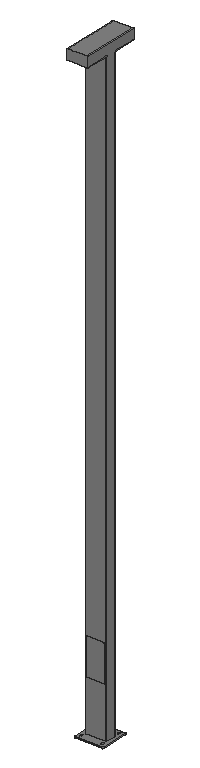
Revit family "Супремус В", category Осветительные приборы, Revit 2019 (continued)
Types (7, lengths in mm): name | Файл фотометрической сетки | built-in parameter 1150105 | Lumens | built-in parameter 1150106 | built-in parameter 1150142 | Wattage | L_общая рассеиватели | ADSK_Фактическая мощность | ADSK_Размер_Высота | ADSK_Номинальная мощность | ADSK_Наименование | ADSK_Масса_Текст | ADSK_Масса | ADSK_Артикул | 2
  ДТУ121с10 Светодиодный светильник Супремус-B ДТУ-121-AF-ДТУП1212(60Вт)+ДТУП1212(60Вт)-6,0 | "DTU-121-AF Supremus B 60W 60°x130°.ies" | 909.18 (stored number, unit not read) | 13200 lm | 9.0918 (stored number, unit not read) | "IESNA:LM-63-1995\r\n[TEST]\t\tALF\r\n[MANUFAC]\tALFRESCO\r\n[LUMCAT]\tDTU-121-AF\r\n[LUMINAIRE]\tDTU-121-AF Supremus B 60W 60°x130°\r\n[LAMP]\t\tOsram_Duris_S8\r\n[DATE]\t\t\r\n[OTHER]\t\t\r\nTILT=NONE\r\n1 7011.0 7.011 361 72 1 2 0.23 0.10 0.00\r\n1.0 1 57.0\r\n0.0 0.5 1.0 1.5 2.0 2.5 3.0 3.5 4.0 4.5 5.0 5.5 6.0 6.5 7.0 7.5 8.0 8.5 9.0 9.5 10.0 10.5 11.0 11.5 12.0 12.5 13.0 13.5 14.0 14.5\r\n 15.0 15.5 16.0 16.5 17.0 17.5 18.0 18.5 19.0 19.5 20.0 20.5 21.0 21.5 22.0 22.5 23.0 23.5 24.0 24.5 25.0 25.5 26.0 26.5 27.0 27.5\r\n 28.0 28.5 29.0 29.5 30.0 30.5 31.0 31.5 32.0 32.5 33.0 33.5 34.0 34.5 35.0 35.5 36.0 36.5 37.0 37.5 38.0 38.5 39.0 39.5 40.0 40.5\r\n 41.0 41.5 42.0 42.5 43.0 43.5 44.0 44.5 45.0 45.5 46.0 46.5 47.0 47.5 48.0 48.5 49.0 49.5 50.0 50.5 51.0 51.5 52.0 52.5 53.0 53.5\r\n 54.0 54.5 55.0 55.5 56.0 56.5 57.0 57.5 58.0 58.5 59.0 59.5 60.0 60.5 61.0 61.5 62.0 62.5 63.0 63.5 64.0 64.5 65.0 65.5 66.0 66.5\r\n 67.0 67.5 68.0 68.5 69.0 69.5 70.0 70.5 71.0 71.5 72.0 72.5 73.0 73.5 74.0 74.5 75.0 75.5 76.0 76.5 77.0 77.5 78.0 78.5 79.0 79.5\r\n 80.0 80.5 81.0 81.5 82.0 82.5 83.0 83.5 84.0 84.5 85.0 85.5 86.0 86.5 87.0 87.5 88.0 88.5 89.0 89.5 90.0 90.5 91.0 91.5 92.0 92.5\r\n 93.0 93.5 94.0 94.5 95.0 95.5 96.0 96.5 97.0 97.5 98.0 98.5 99.0 99.5 100.0 100.5 101.0 101.5 102.0 102.5 103.0 103.5 104.0 104.5\r\n 105.0 105.5 106.0 106.5 107.0 107.5 108.0 108.5 109.0 109.5 110.0 110.5 111.0 111.5 112.0 112.5 113.0 113.5 114.0 114.5 115.0\r\n 115.5 116.0 116.5 117.0 117.5 118.0 118.5 119.0 119.5 120.0 120.5 121.0 121.5 122.0 122.5 123.0 123.5 124.0 124.5 125.0 125.5\r\n 126.0 126.5 127.0 127.5 128.0 128.5 129.0 129.5 130.0 130.5 131.0 131.5 132.0 132.5 133.0 133.5 134.0 134.5 135.0 135.5 136.0\r\n 136.5 137.0 137.5 138.0 138.5 139.0 139.5 140.0 140.5 141.0 141.5 142.0 142.5 143.0 143.5 144.0 144.5 145.0 145.5 146.0 146.5\r\n 147.0 147.5 148.0 148.5 149.0 149.5 150.0 150.5 151.0 151.5 152.0 152.5 153.0 153.5 154.0 154.5 155.0 155.5 156.0 156.5 157.0\r\n 157.5 158.0 158.5 159.0 159.5 160.0 160.5 161.0 161.5 162.0 162.5 163.0 163.5 164.0 164.5 165.0 165.5 166.0 166.5 167.0 167.5\r\n 168.0 168.5 169.0 169.5 170.0 170.5 171.0 171.5 172.0 172.5 173.0 173.5 174.0 174.5 175.0 175.5 176.0 176.5 177.0 177.5 178.0\r\n 178.5 179.0 179.5 180.0\r\n0.0 5.0 10.0 15.0 20.0 25.0 30.0 35.0 40.0 45.0 50.0 55.0 60.0 65.0 70.0 75.0 80.0 85.0 90.0 95.0 100.0 105.0 110.0 115.0 120.0\r\n 125.0 130.0 135.0 140.0 145.0 150.0 155.0 160.0 165.0 170.0 175.0 180.0 185.0 190.0 195.0 200.0 205.0 210.0 215.0 220.0 225.0\r\n 230.0 235.0 240.0 245.0 250.0 255.0 260.0 265.0 270.0 275.0 280.0 285.0 290.0 295.0 300.0 305.0 310.0 315.0 320.0 325.0 330.0\r\n 335.0 340.0 345.0 350.0 355.0 360.0\r\n275.6 275.6 275.4 275.4 275.1 275.0 274.6 274.5 274.0 273.6 273.1 272.6 272.1 271.6 271.2 270.5 269.9 269.3 268.8 268.0 267.4\r\n 266.9 266.3 265.6 265.0 264.5 264.1 263.6 263.2 263.0 262.7 262.5 262.4 262.4 262.3 262.4 262.5 262.8 263.1 263.2 263.6 264.1\r\n 264.6 265.1 265.7 266.3 266.8 267.5 268.0 268.6 269.3 270.0 270.6 271.4 272.2 272.9 274.0 274.8 275.8 276.8 277.9 279.0 280.1\r\n 281.1 282.3 283.5 284.7 286.1 287.2 288.5 289.8 291.2 292.5 294.0 295.6 296.9 298.3 299.9 301.1 302.3 303.8 305.3 307.0 309.2\r\n 310.7 312.1 313.4 315.4 317.5 318.3 318.9 319.8 320.8 321.9 322.8 323.7 324.9 326.2 327.1 328.4 329.9 331.5 333.0 334.7 336.5\r\n 338.5 340.6 342.9 345.1 347.3 349.5 351.3 352.7 353.8 354.6 355.1 355.0 354.6 353.9 353.3 352.9 352.1 350.9 350.0 348.7 346.8\r\n 343.7 340.1 336.0 332.0 328.1 323.5 318.6 314.1 309.6 304.7 300.3 295.5 290.9 286.8 283.6 281.0 278.4 276.0 271.5 265.0 257.4\r\n 247.6 235.1 220.3 205.5 189.6 171.6 151.8 130.1 108.8 90.3 73.3 59.4 45.5 31.5 24.0 18.8 15.4 13.3 11.9 10.7 9.6 8.8 7.9 7.1 6.4\r\n 5.7 5.1 4.4 3.8 3.2 2.6 2.3 2.0 2.0 2.0 2.0 2.0 1.8 1.8 1.6 1.5 1.3 1.1 1.1 1.0 0.9 0.9 0.9 0.9 0.9 0.9 1.0 1.0 1.0 0.0 0.0 0.0\r\n 0.0 0.0 0.0 0.0 0.0 0.0 0.0 0.0 0.0 0.0 0.0 0.0 0.0 0.0 0.0 0.0 0.0 0.0 0.0 0.0 0.0 0.0 0.0 0.0 0.0 0.0 0.0 0.0 0.0 0.0 0.0 0.0\r\n 0.0 0.0 0.0 0.0 0.0 0.0 0.0 0.0 0.0 0.0 0.0 0.0 0.0 0.0 0.0 0.0 0.0 0.0 0.0 0.0 0.0 0.0 0.0 0.0 0.0 0.0 0.0 0.0 0.0 0.0 0.0 0.0\r\n 0.0 0.0 0.0 0.0 0.0 0.0 0.0 0.0 0.0 0.0 0.0 0.0 0.0 0.0 0.0 0.0 0.0 0.0 0.0 0.0 0.0 0.0 0.0 0.0 0.0 0.0 0.0 0.0 0.0 0.0 0.0 0.0\r\n 0.0 0.0 0.0 0.0 0.0 0.0 0.0 0.0 0.0 0.0 0.0 0.0 0.0 0.0 0.0 0.0 0.0 0.0 0.0 0.0 0.0 0.0 0.0 0.0 0.0 0.0 0.0 0.0 0.0 0.0 0.0 0.0\r\n 0.0 0.0 0.0 0.0 0.0 0.0 0.0 0.0 0.0 0.0 0.0 0.0 0.0 0.0 0.0 0.0 0.0 0.0 0.0 0.0 0.0 0.0 0.0 0.0 0.0 0.0 0.0 0.0 0.0\r\n275.6 275.8 276.0 276.1 276.0 276.0 276.0 275.8 275.6 275.4 275.2 275.0 274.6 274.4 274.0 273.7 273.1 272.7 272.5 272.2 271.6\r\n 271.3 270.9 270.4 270.1 269.8 269.6 269.5 269.4 269.3 269.3 269.3 269.5 269.6 269.9 270.2 270.3 270.5 271.1 271.7 272.2 272.8\r\n 273.5 274.2 274.8 275.5 276.2 276.9 277.6 278.4 279.1 279.8 280.4 281.3 282.1 283.0 284.0 284.8 285.9 287.0 288.1 289.3 290.2\r\n 291.4 292.5 294.0 295.3 296.4 297.8 299.2 300.5 301.9 303.5 305.3 306.9 308.6 310.5 312.2 314.0 316.1 318.2 320.4 322.7 325.4\r\n 327.9 330.2 332.3 335.0 337.3 338.6 339.9 341.3 342.8 344.4 345.3 346.3 347.8 349.5 351.3 353.4 355.6 358.0 360.0 362.1 364.4\r\n 366.6 368.9 371.0 373.3 375.5 377.8 379.6 381.5 382.8 383.9 384.9 385.4 385.3 385.1 385.1 384.7 384.1 382.7 381.0 378.8 376.3\r\n 373.0 368.5 363.7 358.7 353.8 348.2 342.3 336.7 330.6 324.5 319.0 314.1 310.2 306.7 304.3 302.4 300.6 298.2 293.4 286.7 277.8\r\n 266.5 251.9 234.3 216.2 198.9 180.1 159.7 138.7 117.6 96.5 78.5 62.9 47.8 36.5 28.1 21.8 17.8 15.1 13.2 11.7 10.5 9.5 8.6 7.6 6.8\r\n 6.1 5.5 4.9 4.5 4.0 3.5 3.0 2.5 2.3 2.2 2.0 1.9 1.7 1.6 1.5 1.4 1.2 1.0 1.0 0.9 0.8 0.8 0.8 0.9 0.9 0.9 0.9 0.9 1.0 0.0 0.0 0.0\r\n 0.0 0.0 0.0 0.0 0.0 0.0 0.0 0.0 0.0 0.0 0.0 0.0 0.0 0.0 0.0 0.0 0.0 0.0 0.0 0.0 0.0 0.0 0.0 0.0 0.0 0.0 0.0 0.0 0.0 0.0 0.0 0.0\r\n 0.0 0.0 0.0 0.0 0.0 0.0 0.0 0.0 0.0 0.0 0.0 0.0 0.0 0.0 0.0 0.0 0.0 0.0 0.0 0.0 0.0 0.0 0.0 0.0 0.0 0.0 0.0 0.0 0.0 0.0 0.0 0.0\r\n 0.0 0.0 0.0 0.0 0.0 0.0 0.0 0.0 0.0 0.0 0.0 0.0 0.0 0.0 0.0 0.0 0.0 0.0 0.0 0.0 0.0 0.0 0.0 0.0 0.0 0.0 0.0 0.0 0.0 0.0 0.0 0.0\r\n 0.0 0.0 0.0 0.0 0.0 0.0 0.0 0.0 0.0 0.0 0.0 0.0 0.0 0.0 0.0 0.0 0.0 0.0 0.0 0.0 0.0 0.0 0.0 0.0 0.0 0.0 0.0 0.0 0.0 0.0 0.0 0.0\r\n 0.0 0.0 0.0 0.0 0.0 0.0 0.0 0.0 0.0 0.0 0.0 0.0 0.0 0.0 0.0 0.0 0.0 0.0 0.0 0.0 0.0 0.0 0.0 0.0 0.0 0.0 0.0 0.0 0.0\r\n275.6 276.1 276.5 276.7 276.9 277.1 277.2 277.4 277.5 277.4 277.4 277.4 277.3 277.2 277.0 277.0 276.8 276.7 276.7 276.6 276.4\r\n 276.2 276.1 276.0 275.9 276.0 276.1 276.2 276.4 276.6 276.9 277.2 277.6 278.0 278.5 278.7 279.2 279.7 280.4 281.3 281.9 282.7\r\n 283.7 284.4 285.3 286.3 287.0 288.1 289.0 289.8 290.7 291.6 292.4 293.5 294.4 295.4 296.4 297.5 298.5 299.6 300.8 301.9 303.1\r\n 304.1 305.5 306.8 308.2 309.5 311.0 312.6 314.2 315.9 317.7 319.5 321.7 323.9 326.0 328.4 330.6 333.0 335.8 338.6 341.5 344.9\r\n 348.0 350.8 353.8 357.6 359.8 361.7 363.6 365.7 367.6 369.1 370.7 372.2 373.9 375.9 378.3 380.3 382.6 384.7 386.8 388.8 390.9\r\n 393.4 395.9 398.6 401.8 405.1 408.0 410.1 412.3 414.2 415.4 416.7 418.1 418.9 418.6 418.2 417.3 415.9 413.1 409.5 405.5 400.6\r\n 395.6 389.1 381.5 374.1 367.2 360.6 353.6 346.5 339.9 332.8 326.5 321.5 317.8 315.1 313.2 311.4 309.6 307.5 303.5 296.2 286.7\r\n 274.5 259.0 241.1 222.7 204.6 186.2 166.7 146.6 124.5 102.4 83.0 66.8 54.4 42.0 34.0 27.7 23.0 19.7 17.4 15.4 13.7 12.2 10.8 9.5\r\n 8.4 7.5 6.7 6.0 5.4 4.7 4.0 3.2 2.8 2.7 2.5 2.3 2.2 1.9 1.7 1.4 1.3 1.1 1.0 0.9 0.9 0.8 0.8 0.8 0.8 0.8 0.8 0.9 0.9 0.9 0.0 0.0\r\n 0.0 0.0 0.0 0.0 0.0 0.0 0.0 0.0 0.0 0.0 0.0 0.0 0.0 0.0 0.0 0.0 0.0 0.0 0.0 0.0 0.0 0.0 0.0 0.0 0.0 0.0 0.0 0.0 0.0 0.0 0.0 0.0\r\n 0.0 0.0 0.0 0.0 0.0 0.0 0.0 0.0 0.0 0.0 0.0 0.0 0.0 0.0 0.0 0.0 0.0 0.0 0.0 0.0 0.0 0.0 0.0 0.0 0.0 0.0 0.0 0.0 0.0 0.0 0.0 0.0\r\n 0.0 0.0 0.0 0.0 0.0 0.0 0.0 0.0 0.0 0.0 0.0 0.0 0.0 0.0 0.0 0.0 0.0 0.0 0.0 0.0 0.0 0.0 0.0 0.0 0.0 0.0 0.0 0.0 0.0 0.0 0.0 0.0\r\n 0.0 0.0 0.0 0.0 0.0 0.0 0.0 0.0 0.0 0.0 0.0 0.0 0.0 0.0 0.0 0.0 0.0 0.0 0.0 0.0 0.0 0.0 0.0 0.0 0.0 0.0 0.0 0.0 0.0 0.0 0.0 0.0\r\n 0.0 0.0 0.0 0.0 0.0 0.0 0.0 0.0 0.0 0.0 0.0 0.0 0.0 0.0 0.0 0.0 0.0 0.0 0.0 0.0 0.0 0.0 0.0 0.0 0.0 0.0 0.0 0.0 0.0 0.0\r\n275.6 276.3 276.8 277.3 277.7 278.4 278.7 279.0 279.3 279.6 279.8 280.0 280.2 280.4 280.6 280.6 280.9 281.1 281.3 281.5 281.7\r\n 281.7 282.0 282.2 282.4 282.8 283.3 283.5 284.0 284.6 285.2 285.8 286.4 287.0 287.5 288.1 288.9 289.7 290.6 291.5 292.4 293.5\r\n 294.5 295.7 296.8 298.0 299.1 300.1 301.3 302.4 303.6 304.8 306.0 306.9 308.0 309.1 310.2 311.3 312.6 313.7 314.9 315.9 317.0\r\n 318.3 319.5 320.8 322.5 324.0 325.7 327.5 329.4 331.3 333.5 335.8 338.3 341.0 343.7 346.8 349.9 352.9 356.0 359.2 362.4 365.5\r\n 369.0 372.3 375.2 379.1 381.7 383.3 385.5 387.7 389.9 392.0 394.2 396.4 399.0 402.0 404.7 407.5 410.5 413.1 415.5 418.2 420.7\r\n 423.2 425.5 427.8 430.1 433.0 435.6 437.9 439.5 441.0 442.1 442.9 443.2 443.5 443.3 442.0 439.9 436.6 432.7 427.8 422.8 416.7\r\n 409.6 401.5 392.6 382.9 372.3 362.7 353.2 344.9 336.4 327.6 319.6 313.1 308.1 304.8 301.6 298.0 295.3 293.3 290.2 285.5 278.1\r\n 268.9 257.0 241.8 225.0 207.5 190.2 174.2 157.5 137.7 117.8 98.0 80.6 66.7 54.7 44.5 36.9 30.9 26.3 23.0 20.5 18.1 16.0 14.2 12.7\r\n 11.3 10.1 8.9 7.9 6.8 5.8 5.0 4.4 3.7 3.2 2.8 2.6 2.3 2.0 1.8 1.6 1.3 1.1 0.9 0.9 0.8 0.7 0.7 0.7 0.7 0.8 0.8 0.8 0.8 0.8 0.0 0.0\r\n 0.0 0.0 0.0 0.0 0.0 0.0 0.0 0.0 0.0 0.0 0.0 0.0 0.0 0.0 0.0 0.0 0.0 0.0 0.0 0.0 0.0 0.0 0.0 0.0 0.0 0.0 0.0 0.0 0.0 0.0 0.0 0.0\r\n 0.0 0.0 0.0 0.0 0.0 0.0 0.0 0.0 0.0 0.0 0.0 0.0 0.0 0.0 0.0 0.0 0.0 0.0 0.0 0.0 0.0 0.0 0.0 0.0 0.0 0.0 0.0 0.0 0.0 0.0 0.0 0.0\r\n 0.0 0.0 0.0 0.0 0.0 0.0 0.0 0.0 0.0 0.0 0.0 0.0 0.0 0.0 0.0 0.0 0.0 0.0 0.0 0.0 0.0 0.0 0.0 0.0 0.0 0.0 0.0 0.0 0.0 0.0 0.0 0.0\r\n 0.0 0.0 0.0 0.0 0.0 0.0 0.0 0.0 0.0 0.0 0.0 0.0 0.0 0.0 0.0 0.0 0.0 0.0 0.0 0.0 0.0 0.0 0.0 0.0 0.0 0.0 0.0 0.0 0.0 0.0 0.0 0.0\r\n 0.0 0.0 0.0 0.0 0.0 0.0 0.0 0.0 0.0 0.0 0.0 0.0 0.0 0.0 0.0 0.0 0.0 0.0 0.0 0.0 0.0 0.0 0.0 0.0 0.0 0.0 0.0 0.0 0.0 0.0\r\n275.6 276.5 277.1 277.9 278.7 279.3 279.9 280.5 281.1 281.6 282.1 282.5 283.0 283.5 283.9 284.5 285.0 285.7 286.2 286.8 287.3\r\n 287.7 288.4 289.0 289.4 290.0 290.8 291.5 292.2 293.1 293.9 294.5 295.1 295.9 296.6 297.3 298.2 299.0 299.9 301.0 302.0 303.2\r\n 304.4 305.8 306.9 308.4 309.5 310.9 312.5 313.6 314.9 316.1 317.3 318.2 319.1 320.2 321.2 322.3 323.2 324.2 325.2 326.4 327.8\r\n 328.8 330.2 331.6 333.3 335.0 336.9 338.8 341.0 343.3 345.6 348.3 351.3 354.7 358.0 361.5 364.6 367.8 370.9 374.4 377.8 381.6\r\n 385.5 389.2 392.6 396.5 399.8 401.8 404.5 407.2 409.6 411.9 414.3 417.0 419.9 422.6 425.3 428.1 431.1 434.1 437.0 440.0 443.1\r\n 446.3 449.4 452.9 455.6 458.1 460.2 462.0 463.3 463.7 463.4 462.6 461.1 458.9 456.5 453.6 449.6 444.6 438.6 432.3 425.5 418.1\r\n 409.8 400.5 391.0 379.6 368.1 355.7 343.7 332.8 322.6 313.7 304.8 296.6 289.6 284.2 280.3 277.1 274.0 270.8 267.2 263.5 258.3\r\n 251.5 241.9 230.0 216.6 201.9 186.4 171.2 157.1 142.6 126.2 108.2 90.7 76.1 64.7 54.8 45.0 38.2 32.8 28.6 25.1 22.3 19.7 17.3\r\n 15.4 13.6 11.9 10.4 9.1 7.8 6.8 5.7 4.7 4.1 3.6 3.2 2.9 2.7 2.3 2.0 1.7 1.5 1.3 1.2 0.9 0.8 0.7 0.7 0.7 0.7 0.7 0.7 0.7 0.7 0.7\r\n 0.0 0.0 0.0 0.0 0.0 0.0 0.0 0.0 0.0 0.0 0.0 0.0 0.0 0.0 0.0 0.0 0.0 0.0 0.0 0.0 0.0 0.0 0.0 0.0 0.0 0.0 0.0 0.0 0.0 0.0 0.0 0.0\r\n 0.0 0.0 0.0 0.0 0.0 0.0 0.0 0.0 0.0 0.0 0.0 0.0 0.0 0.0 0.0 0.0 0.0 0.0 0.0 0.0 0.0 0.0 0.0 0.0 0.0 0.0 0.0 0.0 0.0 0.0 0.0 0.0\r\n 0.0 0.0 0.0 0.0 0.0 0.0 0.0 0.0 0.0 0.0 0.0 0.0 0.0 0.0 0.0 0.0 0.0 0.0 0.0 0.0 0.0 0.0 0.0 0.0 0.0 0.0 0.0 0.0 0.0 0.0 0.0 0.0\r\n 0.0 0.0 0.0 0.0 0.0 0.0 0.0 0.0 0.0 0.0 0.0 0.0 0.0 0.0 0.0 0.0 0.0 0.0 0.0 0.0 0.0 0.0 0.0 0.0 0.0 0.0 0.0 0.0 0.0 0.0 0.0 0.0\r\n 0.0 0.0 0.0 0.0 0.0 0.0 0.0 0.0 0.0 0.0 0.0 0.0 0.0 0.0 0.0 0.0 0.0 0.0 0.0 0.0 0.0 0.0 0.0 0.0 0.0 0.0 0.0 0.0 0.0 0.0 0.0 0.0\r\n275.6 276.8 277.7 278.6 279.6 280.4 281.3 282.3 283.0 283.9 284.7 285.5 286.3 287.1 288.0 288.9 289.8 290.8 291.8 292.5 293.3\r\n 294.1 294.9 295.9 296.6 297.5 298.2 299.1 299.9 300.9 301.7 302.5 303.2 304.0 304.8 305.6 306.5 307.3 308.3 309.4 310.5 311.6\r\n 313.1 314.2 315.5 316.7 318.1 319.2 320.7 321.9 323.1 324.3 325.3 326.3 327.4 328.3 329.1 330.1 330.9 332.0 333.0 334.1 335.5\r\n 336.7 338.1 339.5 341.2 342.8 344.8 347.1 349.4 351.9 354.6 357.6 360.8 364.0 367.0 370.3 373.8 377.5 381.5 385.2 388.9 392.5\r\n 396.3 399.9 403.7 407.6 411.2 414.3 417.3 420.5 423.1 425.7 428.1 430.6 433.8 436.9 440.2 443.8 447.1 450.6 454.2 457.3 460.4\r\n 463.4 465.7 468.6 471.4 474.0 476.3 477.9 479.0 479.3 477.8 474.9 471.3 466.5 461.7 456.5 450.4 444.2 438.4 431.7 423.9 415.8\r\n 407.8 398.9 388.6 377.5 366.1 354.0 342.0 330.3 318.1 306.5 295.8 285.8 276.5 267.0 258.7 251.0 244.9 239.2 233.6 228.2 222.4\r\n 215.5 207.3 198.4 188.9 178.9 169.1 159.2 148.6 135.9 123.3 110.6 96.7 82.9 71.7 62.1 53.2 45.6 39.2 34.1 30.0 26.5 23.4 20.8\r\n 18.3 15.7 13.8 12.1 10.7 9.4 8.0 7.0 6.2 5.1 4.2 3.5 3.2 3.0 2.6 2.2 2.0 1.8 1.6 1.4 1.2 1.1 0.9 0.7 0.6 0.6 0.6 0.6 0.6 0.7 0.7\r\n 0.0 0.0 0.0 0.0 0.0 0.0 0.0 0.0 0.0 0.0 0.0 0.0 0.0 0.0 0.0 0.0 0.0 0.0 0.0 0.0 0.0 0.0 0.0 0.0 0.0 0.0 0.0 0.0 0.0 0.0 0.0 0.0\r\n 0.0 0.0 0.0 0.0 0.0 0.0 0.0 0.0 0.0 0.0 0.0 0.0 0.0 0.0 0.0 0.0 0.0 0.0 0.0 0.0 0.0 0.0 0.0 0.0 0.0 0.0 0.0 0.0 0.0 0.0 0.0 0.0\r\n 0.0 0.0 0.0 0.0 0.0 0.0 0.0 0.0 0.0 0.0 0.0 0.0 0.0 0.0 0.0 0.0 0.0 0.0 0.0 0.0 0.0 0.0 0.0 0.0 0.0 0.0 0.0 0.0 0.0 0.0 0.0 0.0\r\n 0.0 0.0 0.0 0.0 0.0 0.0 0.0 0.0 0.0 0.0 0.0 0.0 0.0 0.0 0.0 0.0 0.0 0.0 0.0 0.0 0.0 0.0 0.0 0.0 0.0 0.0 0.0 0.0 0.0 0.0 0.0 0.0\r\n 0.0 0.0 0.0 0.0 0.0 0.0 0.0 0.0 0.0 0.0 0.0 0.0 0.0 0.0 0.0 0.0 0.0 0.0 0.0 0.0 0.0 0.0 0.0 0.0 0.0 0.0 0.0 0.0 0.0 0.0 0.0 0.0\r\n275.6 276.9 278.1 279.3 280.4 281.6 282.6 283.9 285.1 286.2 287.2 288.6 289.6 290.9 292.1 293.5 294.5 295.9 297.0 298.0 298.9\r\n 300.1 301.1 302.1 303.0 303.8 304.7 305.8 306.9 307.7 308.6 309.4 310.2 311.1 311.7 312.4 313.3 314.1 315.2 316.3 317.5 318.7\r\n 320.0 321.4 322.9 324.0 325.4 326.6 327.8 328.8 329.8 330.7 331.5 332.4 333.2 334.0 335.0 335.6 336.4 337.7 338.3 339.4 340.6\r\n 341.8 343.0 344.5 345.9 347.8 349.7 352.1 354.5 357.1 360.0 363.2 366.4 369.5 372.7 375.8 379.2 382.5 386.2 389.8 392.9 396.3\r\n 399.6 403.4 407.6 412.4 416.8 420.7 424.4 428.7 432.0 434.6 437.4 440.2 443.4 447.0 451.0 454.6 458.2 461.2 464.1 467.4 470.9\r\n 474.5 477.9 480.3 482.1 482.9 482.6 481.5 480.4 479.0 476.8 473.5 469.4 464.3 458.9 453.1 447.3 440.2 432.1 424.6 416.8 408.5\r\n 399.1 389.3 379.7 369.3 358.1 346.1 333.5 321.0 308.5 295.5 282.5 270.1 257.5 244.9 232.9 221.4 209.8 198.6 188.4 180.3 172.3\r\n 164.8 157.7 151.2 144.3 136.7 128.2 119.8 111.6 103.1 94.0 84.8 75.9 67.6 60.5 53.6 47.1 41.0 35.9 31.7 28.0 24.8 21.9 19.5 17.1\r\n 14.9 13.0 11.4 10.0 8.6 7.6 6.8 6.1 5.2 4.5 4.1 3.8 3.5 3.1 2.7 2.4 2.1 2.0 1.7 1.5 1.2 1.0 0.9 0.8 0.7 0.6 0.5 0.4 0.3 0.1 0.0\r\n 0.0 0.0 0.0 0.0 0.0 0.0 0.0 0.0 0.0 0.0 0.0 0.0 0.0 0.0 0.0 0.0 0.0 0.0 0.0 0.0 0.0 0.0 0.0 0.0 0.0 0.0 0.0 0.0 0.0 0.0 0.0 0.0\r\n 0.0 0.0 0.0 0.0 0.0 0.0 0.0 0.0 0.0 0.0 0.0 0.0 0.0 0.0 0.0 0.0 0.0 0.0 0.0 0.0 0.0 0.0 0.0 0.0 0.0 0.0 0.0 0.0 0.0 0.0 0.0 0.0\r\n 0.0 0.0 0.0 0.0 0.0 0.0 0.0 0.0 0.0 0.0 0.0 0.0 0.0 0.0 0.0 0.0 0.0 0.0 0.0 0.0 0.0 0.0 0.0 0.0 0.0 0.0 0.0 0.0 0.0 0.0 0.0 0.0\r\n 0.0 0.0 0.0 0.0 0.0 0.0 0.0 0.0 0.0 0.0 0.0 0.0 0.0 0.0 0.0 0.0 0.0 0.0 0.0 0.0 0.0 0.0 0.0 0.0 0.0 0.0 0.0 0.0 0.0 0.0 0.0 0.0\r\n 0.0 0.0 0.0 0.0 0.0 0.0 0.0 0.0 0.0 0.0 0.0 0.0 0.0 0.0 0.0 0.0 0.0 0.0 0.0 0.0 0.0 0.0 0.0 0.0 0.0 0.0 0.0 0.0 0.0 0.0 0.0\r\n275.6 277.0 278.4 279.8 281.3 282.5 284.0 285.3 286.9 288.4 289.8 291.3 293.1 294.4 296.1 297.6 299.3 300.6 301.8 303.1 304.3\r\n 305.4 306.5 307.7 308.6 309.5 310.5 311.6 312.7 313.5 314.2 315.0 316.1 317.0 318.0 319.1 320.3 321.4 322.7 323.3 324.3 325.4\r\n 326.1 327.0 327.9 328.9 330.0 330.9 332.0 332.9 333.5 334.5
